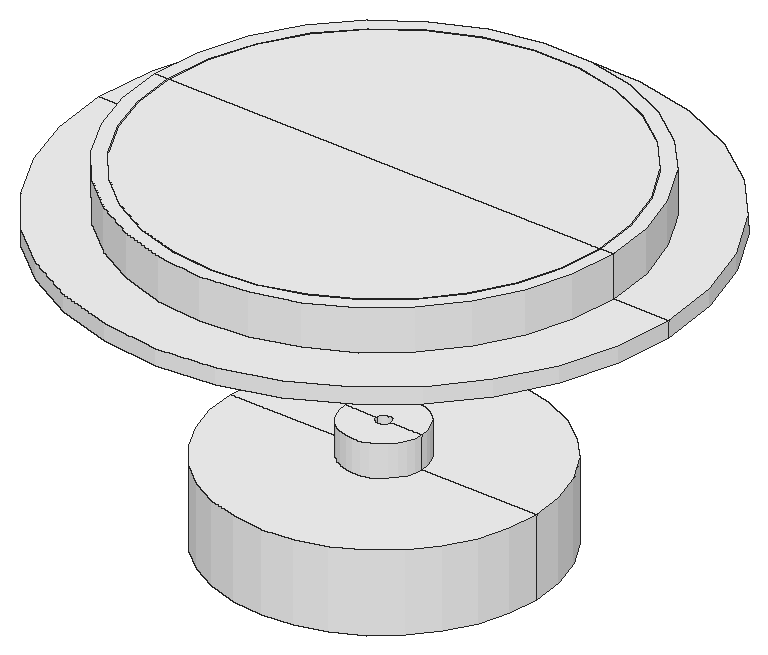
Revit family "C1440-R", category Plumbing Fixtures, host Face, Revit 2026
Family settings
  Host = Face
  Round Connector Dimension = Use Radius
  Part Type = Normal
  Classification Number = 23.45.55.21
  Enable Cutting in Views = No
  Cut with Voids When Loaded = No
  Maintain Annotation Orientation = No
  Shared = No
  Room Calculation Point = No
Parameters (values of type "4"")
  WFU = 0
  URL = "WWW.MIFAB.COM"
  Top Assembly Height = 3.000"
  Strainer Radius = Stainer Diameter / 2  # 3.000"
  Stainer Diameter = 6.000"
  Pipe Radius = Pipe Diameter / 2  # 2.000"
  Pipe Diameter = 4.000"
  Model = "C1440-R"
  Manufacturer = "MIFAB"
  Floor Drain Material = Paint - Sherwin Williams Paint - #952C2A - Bellwood Red
  Description = "EXPANDABLE LINE CLEANOUT WITH ROUND, NICKEL BRONZE WALL\r\nACCESS PANEL"
  Default Elevation = 0.000"
  Body Height = 1.400"
Types (5): name | Pipe Radius | Pipe Diameter
  (no name) | 2.000" | 4.000"
  3" | 1.500" | 3.000"
  2" | 1.000" | 2.000"
  4" | 2.000" | 4.000"
  1.5" | 0.750" | 1.500"
Reference planes (in)
  plane 1 "Center (Front/Back)": y = 0
  plane 2: z = 0
  plane 3 "Center (Left/Right)": x = 0
  plane 4: x = -3
  plane 5: x = 3
  plane 6: z = -4.4
  plane 7: x = -2
  plane 8: x = 2
  plane 9: x = -2.31968
  plane 10: x = 2.31968
  plane 11: z = -3
Forms (in)
  Revolve 1, solid, material "Paint - Sherwin Williams Paint - #952C2A - Bellwood Red" <- "Floor Drain Material"
    sketch origin (0, 0, 0) x (1, 0, 0) y (0, 0, 1)
      loop
        line (-0.095, -3.55) -> (-0.095, -3) -> (-0.5, -3) -> (-0.5, -3.4) -> (-2, -3.4) -> (-2, -4.4) -> (-1.7, -4.4) -> (-1.7, -3.55) -> (-0.095, -3.55)
      axis (0, -4.4) -> (0, -3)
    angle from 0 to 360
  Revolve 2, solid, material "Paint - Sherwin Williams Paint - #952C2A - Bellwood Red" <- "Floor Drain Material"
    sketch origin (0, 0, 0) x (1, 0, 0) y (0, 0, 1)
      loop
        line (-2.824, 0) -> (-3, 0) -> (-3, -0.525) -> (-3.724, -0.525) -> (-3.724, -0.725) -> (-2.824, -0.725) -> (-2.824, -0.325) -> (-2.2, -0.325) -> (-2.2, -0.2) -> (-2.824, -0.2) -> (-2.824, 0)
      axis (0, 0) -> (0, -0.725)
    angle from 0 to 360
  Revolve 3, solid, material "Paint - Sherwin Williams Paint - #952C2A - Bellwood Red" <- "Floor Drain Material"
    sketch origin (0, 0, 0) x (1, 0, 0) y (0, 0, 1)
      loop
        line (-2.824, 0) -> (-2.824, -0.2) -> (0, -0.2) -> (0, 0) -> (-2.824, 0)
      axis (0, -0.2) -> (0, 0)
    angle from 0 to 360
Lines and regions (in)
  symbolic lines
    curve 1: circle (0, 0, 0) r 3 normal (0, 0, 1)
Dimensions and locks (in)
  equal spacing: plane 5, plane 3 "Center (Left/Right)", plane 4
  "Stainer Diameter": plane 5 to plane 4
  "Body Height": plane 11 to plane 6
  equal spacing: plane 8, plane 3 "Center (Left/Right)", plane 7
  "Pipe Diameter": plane 8 to plane 7
  "Top Assembly Height": host face to plane 11
  locked: Revolve 1 sketch curve to Revolve 1 sketch curve at 0.3
  locked: Revolve 1 sketch curve to Revolve 1 sketch curve at 0.095
  locked: Revolve 1 sketch curve to Revolve 1 sketch curve at 0.55
  locked: Revolve 1 sketch curve to Revolve 1 sketch curve at 0.15
  locked: Revolve 1 sketch curve to Revolve 1 sketch curve at 0.5
  locked: Revolve 2 sketch curve to Revolve 2 sketch curve at 0.2
  locked: Revolve 2 sketch curve to Revolve 2 sketch curve at 0.176
  locked: Revolve 2 sketch curve to Revolve 2 sketch curve at 0.525
  locked: Revolve 2 sketch curve to Revolve 2 sketch curve at 0.4
  locked: Revolve 2 sketch curve to Revolve 2 sketch curve at 0.125
  locked: host face to Revolve 2 at 0.2
  "Strainer Radius": radius of curve 1
  aligned and locked: plane 2 to host face
  aligned and locked: level to host face
  aligned and locked: plane 1 "Center (Front/Back)" to curve 1
  aligned and locked: plane 3 "Center (Left/Right)" to curve 1
  aligned and locked: Revolve 1 to plane 11
  aligned and locked: Revolve 1 sketch curve to plane 7
  aligned and locked: Revolve 1 sketch curve to plane 6
  aligned and locked: plane 11 to Revolve 1 sketch curve
  aligned and locked: Revolve 2 sketch curve to plane 3 "Center (Left/Right)"
  aligned and locked: Revolve 3 sketch curve to Revolve 2
Automatic sketch dimensions
  host sketch curve to host sketch curve = 96.000"  (x2)
  Revolve 1 sketch curve to plane 3 "Center (Left/Right)" = 0.000"
  Revolve 1 sketch curve to plane 6 = 2.500"
  level to Revolve 1 sketch curve = 5.050"
  Revolve 2 sketch curve to plane 4 = 0.000"
  Revolve 2 sketch curve to level = 0.000"
  Revolve 2 sketch curve to plane 4 = 0.724"
  plane 4 to Revolve 2 sketch curve = 0.176"
  Revolve 2 sketch curve to plane 9 = 0.11968"
  Revolve 2 sketch curve to level = 0.725"
  level to Revolve 2 sketch curve = 1.09867"
  Revolve 3 sketch curve to level = 0.000"
  Revolve 3 sketch curve to plane 3 "Center (Left/Right)" = 0.000"  (x2)
  plane 4 to Revolve 3 sketch curve = 0.176"
  Revolve 3 sketch curve to Revolve 3 sketch curve = 0.125"
  Revolve 3 sketch curve to Revolve 3 sketch curve = 1.175"
  plane 1 "Center (Front/Back)" to curve 1 = 0.000"
  curve 1 to plane 3 "Center (Left/Right)" = 0.000"
Connectors (in)
  piping at (0, 0, -4.4), diameter 4, driven by "Pipe Radius"
    settings: on Revolve 1, index 1, connector inside diameter 4", connector length 0.000", flow factor 0, pipe flow 0 GPM, pressure drop 0.00 psi, fitting loss kfactor 0, connector angle 0.00°, fixture units 0, engagement length 0.000", angle of deflection 0.00°, flow configuration 0, flow direction 0, fitting loss method 0, system type 7, joint type 0, gender type 0, connector reference index -1, connector utility 0, adjustable connector no, is connector primary yes, connector description ""
